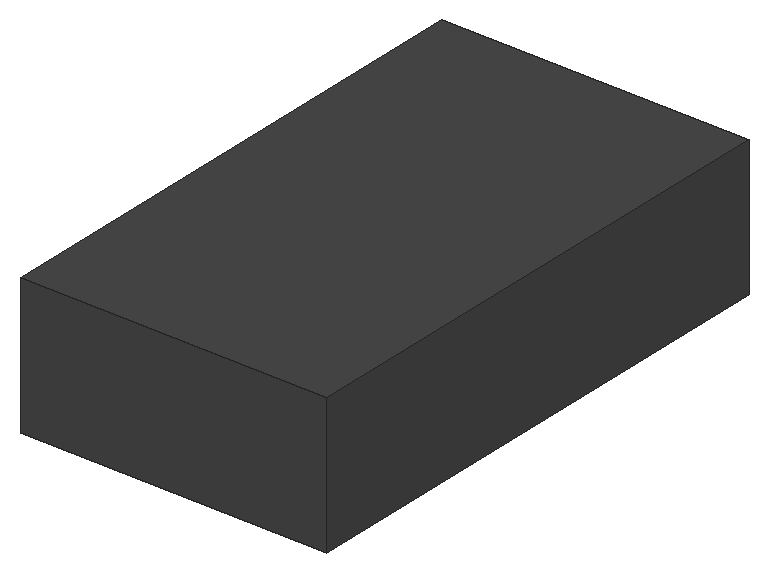
Revit family "Lighting-Driver-Acclaim-AL Driver 4", category Lighting Fixtures, host Face, Revit 2015
Parameters (values of type "AL Driver 4")
  Width = 2.96875"
  Voltage = 0 V
  URL = "http://www.acclaimlighting.com/"
  Power Factor = 1
  Number of Poles = 1
  Model = "AL Driver 4"
  Manufacturer = "Acclaim Lighting"
  Length = 1.73047"
  Lamp = ""
  Housing Finish = Aluminum
  Height = 0.78125"
  Description = "Driver"
  Default Elevation = 48.00"
  Apparent Load = 0 VA
Reference planes (in)
  plane 1 "Center (Front/Back)": y = 0
  plane 2: z = 0
  plane 3 "Center (Left/Right)": x = 0
  plane 4: z = 0.78125
  plane 5: y = 1.48437
  plane 6: y = -1.48438
  plane 7: x = -0.86523
  plane 8: x = 0.86523
Forms (in)
  Extrusion 1, solid, material "Acetal Resin, Black"
    sketch origin (0, 0, 0) x (1, 0, 0) y (0, 1, 0)
      loop
        line (-0.86523, 1.48437) -> (-0.86523, -1.48438) -> (0.86523, -1.48438) -> (0.86523, 1.48437) -> (-0.86523, 1.48437)
    from 0 to 0.78125
Dimensions and locks (in)
  "Height": plane 4 to host face
  equal spacing: plane 5, plane 1 "Center (Front/Back)", plane 6
  "Width": plane 5 to plane 6
  equal spacing: plane 7, plane 3 "Center (Left/Right)", plane 8
  "Length": plane 7 to plane 8
  aligned and locked: plane 2 to host face
  aligned and locked: level to host face
  aligned and locked: Extrusion 1 sketch curve to plane 5
  aligned and locked: plane 7 to Extrusion 1 sketch curve
  aligned and locked: plane 6 to Extrusion 1 sketch curve
  aligned and locked: Extrusion 1 sketch curve to plane 8
  aligned and locked: plane 4 to Extrusion 1
Automatic sketch dimensions
  host sketch curve to host sketch curve = 96.00"  (x2)
Connectors (in)
  electrical at (0, -1.48438, 0.39063), driven by "Number of Poles", driven by "Voltage", driven by "Apparent Load", driven by "Power Factor"
    settings: on Extrusion 1, index 1, voltage 0 V, apparent load 0 VA, apparent load phase1 0 VA, apparent load phase2 0 VA, apparent load phase3 0 VA, power factor 1, load classification "Other", number of poles 1, system type 31, power factor state 1, is connector primary yes, connector utility yes, sub classification motor no, connector description ""
